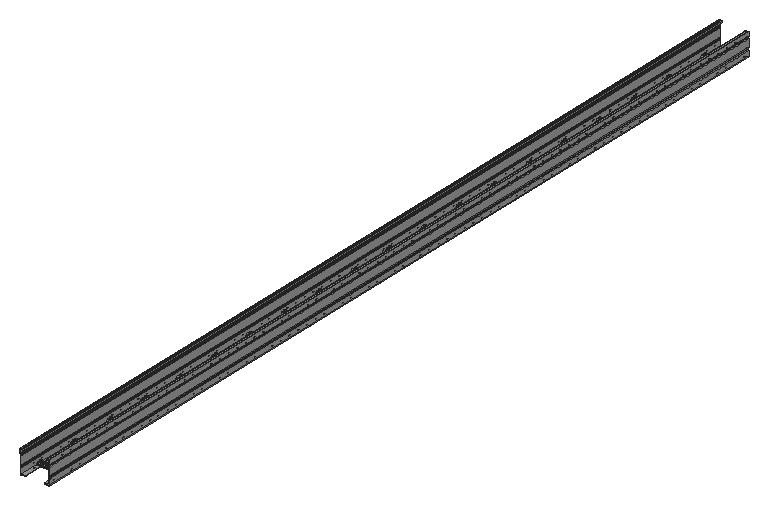
Revit family "Weitspannkabelleiter WKLG1620 FT,FS FT SO A4.23.08", category Generic Models, Revit 2017 (continued)
Dimensions and locks
  cut or joined group 1 (Extrusion 1, Extrusion 2, Extrusion 3, Extrusion 4, Extrusion 5, Extrusion 6, Extrusion 7, Extrusion 8, Extrusion 9, Extrusion 10, Extrusion 11, Extrusion 12, Extrusion 13, Extrusion 14, Extrusion 15, Extrusion 16, Extrusion 17, Extrusion 18, Extrusion 19, Extrusion 20, Extrusion 21, Extrusion 22, Extrusion 23, Extrusion 24, Extrusion 25, Extrusion 26, Extrusion 27, Extrusion 28, Extrusion 29, Extrusion 30, Extrusion 31, Extrusion 32, Extrusion 33, Extrusion 34, Extrusion 35, Extrusion 36, Extrusion 37, Extrusion 38, Extrusion 39, Extrusion 40, Extrusion 41, Extrusion 42, Extrusion 43, Extrusion 44, Extrusion 45, Extrusion 46, Extrusion 47, Extrusion 48, Extrusion 49, Extrusion 50, Extrusion 51, Extrusion 52, Extrusion 53, Extrusion 54, Extrusion 55, Extrusion 56, Extrusion 57, Extrusion 58, Extrusion 59, Extrusion 60, Extrusion 61, Extrusion 62, Extrusion 63, Extrusion 64, Extrusion 65, Extrusion 66, Extrusion 67, Extrusion 68, Extrusion 69, Extrusion 70, Extrusion 71, Extrusion 72, Extrusion 73, Extrusion 74, Extrusion 75, Extrusion 76, Extrusion 77, Extrusion 78, Extrusion 79, Extrusion 80, Extrusion 81, Extrusion 82, Extrusion 83, Extrusion 84, Extrusion 85, Extrusion 86, Extrusion 87, Extrusion 88, Extrusion 89, Extrusion 90, Extrusion 91, Extrusion 92, Extrusion 93, Extrusion 94, Extrusion 95, Extrusion 96, Extrusion 97, Extrusion 98, Extrusion 99, Extrusion 100, Extrusion 101, Extrusion 102, Extrusion 103, Extrusion 104, Extrusion 105, Extrusion 106, Extrusion 107, Extrusion 108, Extrusion 109, Extrusion 110, Extrusion 111, Extrusion 112, Extrusion 113, Extrusion 114, Extrusion 115, Extrusion 116, Extrusion 117, Extrusion 118, Extrusion 119, Extrusion 120, Extrusion 121, Extrusion 122, Extrusion 123, Extrusion 124, Extrusion 125, Extrusion 126, Extrusion 127, Extrusion 128, Extrusion 129, Extrusion 130, Extrusion 131, Extrusion 132, Extrusion 133, Extrusion 134, Extrusion 135, Extrusion 136, Extrusion 137, Extrusion 138, Extrusion 139, Extrusion 140, Extrusion 141, Extrusion 142, Extrusion 143, Extrusion 144, Extrusion 145, Extrusion 146, Extrusion 147, Extrusion 148, Extrusion 149, Extrusion 150, Extrusion 151, Extrusion 152, Extrusion 153, Extrusion 154, Extrusion 155, Extrusion 156, Extrusion 157, Extrusion 158, Extrusion 159, Extrusion 160, Extrusion 161, Extrusion 162, Extrusion 163, Extrusion 164, Extrusion 165, Extrusion 166, Extrusion 167, Extrusion 168, Extrusion 169, Extrusion 170, Extrusion 171, Extrusion 172, Extrusion 173, Extrusion 174, Extrusion 175, Extrusion 176, Extrusion 177, Extrusion 178, Extrusion 179, Extrusion 180, Extrusion 181, Extrusion 182, Extrusion 183, Extrusion 184, Extrusion 185, Extrusion 186, Extrusion 187, Extrusion 188, Extrusion 189, Extrusion 190, Extrusion 191, Extrusion 192, Extrusion 193, Extrusion 194, Extrusion 195, Extrusion 196, Extrusion 197, Extrusion 198, Extrusion 199, Extrusion 200, Extrusion 201, Extrusion 202, Extrusion 203, Extrusion 204, Extrusion 205, Extrusion 206, Extrusion 207, Extrusion 208, Extrusion 209, Extrusion 210, Extrusion 211, Extrusion 212, Extrusion 213, Extrusion 214, Extrusion 215, Extrusion 216, Extrusion 217, Extrusion 218, Extrusion 219, Extrusion 220, Extrusion 221, Extrusion 222, Extrusion 223, Extrusion 224, Extrusion 225, Extrusion 226, Extrusion 227, Extrusion 228, Extrusion 229, Extrusion 230, Extrusion 231, Extrusion 232, Extrusion 233, Extrusion 234, Extrusion 235, Extrusion 236, Extrusion 237, Extrusion 238, Extrusion 239, Extrusion 240, Extrusion 241, Extrusion 242, Extrusion 243, Extrusion 244, Extrusion 245, Extrusion 246, Extrusion 247, Extrusion 248, Extrusion 249, Extrusion 250, Extrusion 251, Extrusion 252, Extrusion 253, Extrusion 254, Extrusion 255, Extrusion 256, Extrusion 257, Extrusion 258, Extrusion 259, Extrusion 260, Extrusion 261, Extrusion 262, Extrusion 263, Extrusion 264, Extrusion 265, Extrusion 266, Extrusion 267, Extrusion 268, Extrusion 269, Extrusion 270, Extrusion 271, Extrusion 272, Extrusion 273, Extrusion 274, Extrusion 275, Extrusion 276, Extrusion 277, Extrusion 278, Extrusion 279, Extrusion 280, Extrusion 281, Extrusion 282, Extrusion 283, Extrusion 284, Extrusion 285, Extrusion 286, Extrusion 287, Extrusion 288, Extrusion 289, Extrusion 290, Extrusion 291, Extrusion 292, Extrusion 293, Extrusion 294, Extrusion 295, Extrusion 296, Extrusion 297, Extrusion 298, Extrusion 299, Extrusion 300, Extrusion 301, Extrusion 302, Extrusion 303, Extrusion 304, Extrusion 305, Extrusion 306, Extrusion 307, Extrusion 308, Extrusion 309, Extrusion 310, Extrusion 311, Extrusion 312, Extrusion 313, Extrusion 314, Extrusion 315, Extrusion 316, Extrusion 317, Extrusion 318, Extrusion 319, Extrusion 320, Extrusion 321, Extrusion 324, Extrusion 325, Extrusion 326, Extrusion 327, Extrusion 328, Extrusion 329, Extrusion 330, Extrusion 331, Extrusion 332, Extrusion 333, Extrusion 334, Extrusion 335, Extrusion 336, Extrusion 337, Extrusion 338, Extrusion 339, Extrusion 340, Extrusion 341, Extrusion 342, Extrusion 343, Extrusion 344, Extrusion 345, Extrusion 346, Extrusion 347, Extrusion 348, Extrusion 349, Extrusion 350, Extrusion 351, Extrusion 352, Extrusion 353, Extrusion 354, Extrusion 355, Extrusion 356, Extrusion 357, Extrusion 358, Extrusion 359, Extrusion 360, Extrusion 361, Extrusion 362, Extrusion 363, Extrusion 364, Extrusion 365, Extrusion 366, Extrusion 367, Extrusion 368, Extrusion 369, Extrusion 370, Extrusion 371, Extrusion 372, Extrusion 373, Extrusion 374, Extrusion 375, Extrusion 376, Extrusion 377, Extrusion 378, Extrusion 379, Extrusion 380, Extrusion 381, Extrusion 382, Extrusion 383, Extrusion 384, Extrusion 385, Extrusion 386, Extrusion 387, Extrusion 388, Extrusion 389, Extrusion 390, Extrusion 391, Extrusion 392, Extrusion 393, Extrusion 394, Extrusion 395, Extrusion 396, Extrusion 397, Extrusion 398, Extrusion 399, Extrusion 400, Extrusion 401, Extrusion 402, Extrusion 403, Extrusion 404, Extrusion 407, Extrusion 409, Extrusion 411, Extrusion 413, Extrusion 415, Extrusion 417, Extrusion 419, Extrusion 421, Extrusion 423, Extrusion 425, Extrusion 427, Extrusion 429, Extrusion 431, Extrusion 433, Extrusion 435, Extrusion 437, Extrusion 439, Extrusion 441, Extrusion 443) to plane 18 = 20 mm
  locked: Extrusion 323 to Extrusion 323 at 1.5  (x5)
  locked: Extrusion 323 to Extrusion 323 at 16.5
  locked: plane 31 to Extrusion 323 at 8.5
  locked: plane 31 to plane 30 at 50
  locked: cut or joined group 1 to plane 33 at 18
  locked: cut or joined group 1 to cut or joined group of Extrusion 1, Extrusion 2, Extrusion 3, Extrusion 4, Extrusion 5, Extrusion 6, Extrusion 7, Extrusion 8, Extrusion 9, Extrusion 10, Extrusion 11, Extrusion 12, Extrusion 13, Extrusion 14, Extrusion 15, Extrusion 16, Extrusion 17, Extrusion 18, Extrusion 19, Extrusion 20, Extrusion 21, Extrusion 22, Extrusion 23, Extrusion 24, Extrusion 25, Extrusion 26, Extrusion 27, Extrusion 28, Extrusion 29, Extrusion 30, Extrusion 31, Extrusion 32, Extrusion 33, Extrusion 34, Extrusion 35, Extrusion 36, Extrusion 37, Extrusion 38, Extrusion 39, Extrusion 40, Extrusion 41, Extrusion 42, Extrusion 43, Extrusion 44, Extrusion 45, Extrusion 46, Extrusion 47, Extrusion 48, Extrusion 49, Extrusion 50, Extrusion 51, Extrusion 52, Extrusion 53, Extrusion 54, Extrusion 55, Extrusion 56, Extrusion 57, Extrusion 58, Extrusion 59, Extrusion 60, Extrusion 61, Extrusion 62, Extrusion 63, Extrusion 64, Extrusion 65, Extrusion 66, Extrusion 67, Extrusion 68, Extrusion 69, Extrusion 70, Extrusion 71, Extrusion 72, Extrusion 73, Extrusion 74, Extrusion 75, Extrusion 76, Extrusion 77, Extrusion 78, Extrusion 79, Extrusion 80, Extrusion 81, Extrusion 82, Extrusion 83, Extrusion 84, Extrusion 85, Extrusion 86, Extrusion 87, Extrusion 88, Extrusion 89, Extrusion 90, Extrusion 91, Extrusion 92, Extrusion 93, Extrusion 94, Extrusion 95, Extrusion 96, Extrusion 97, Extrusion 98, Extrusion 99, Extrusion 100, Extrusion 101, Extrusion 102, Extrusion 103, Extrusion 104, Extrusion 105, Extrusion 106, Extrusion 107, Extrusion 108, Extrusion 109, Extrusion 110, Extrusion 111, Extrusion 112, Extrusion 113, Extrusion 114, Extrusion 115, Extrusion 116, Extrusion 117, Extrusion 118, Extrusion 119, Extrusion 120, Extrusion 121, Extrusion 122, Extrusion 123
    , Extrusion 124, Extrusion 125, Extrusion 126, Extrusion 127, Extrusion 128, Extrusion 129, Extrusion 130, Extrusion 131, Extrusion 132, Extrusion 133, Extrusion 134, Extrusion 135, Extrusion 136, Extrusion 137, Extrusion 138, Extrusion 139, Extrusion 140, Extrusion 141, Extrusion 142, Extrusion 143, Extrusion 144, Extrusion 145, Extrusion 146, Extrusion 147, Extrusion 148, Extrusion 149, Extrusion 150, Extrusion 151, Extrusion 152, Extrusion 153, Extrusion 154, Extrusion 155, Extrusion 156, Extrusion 157, Extrusion 158, Extrusion 159, Extrusion 160, Extrusion 161, Extrusion 162, Extrusion 163, Extrusion 164, Extrusion 165, Extrusion 166, Extrusion 167, Extrusion 168, Extrusion 169, Extrusion 170, Extrusion 171, Extrusion 172, Extrusion 173, Extrusion 174, Extrusion 175, Extrusion 176, Extrusion 177, Extrusion 178, Extrusion 179, Extrusion 180, Extrusion 181, Extrusion 182, Extrusion 183, Extrusion 184, Extrusion 185, Extrusion 186, Extrusion 187, Extrusion 188, Extrusion 189, Extrusion 190, Extrusion 191, Extrusion 192, Extrusion 193, Extrusion 194, Extrusion 195, Extrusion 196, Extrusion 197, Extrusion 198, Extrusion 199, Extrusion 200, Extrusion 201, Extrusion 202, Extrusion 203, Extrusion 204, Extrusion 205, Extrusion 206, Extrusion 207, Extrusion 208, Extrusion 209, Extrusion 210, Extrusion 211, Extrusion 212, Extrusion 213, Extrusion 214, Extrusion 215, Extrusion 216, Extrusion 217, Extrusion 218, Extrusion 219, Extrusion 220, Extrusion 221, Extrusion 222, Extrusion 223, Extrusion 224, Extrusion 225, Extrusion 226, Extrusion 227, Extrusion 228, Extrusion 229, Extrusion 230, Extrusion 231, Extrusion 232, Extrusion 233, Extrusion 234, Extrusion 235, Extrusion 236, Extrusion 237, Extrusion 238, Extrusion 239, Extrusion 240, Extrusion 241, Extrusion 242, Extrusion 243, Extrusion 244, Extrusion 245, Extrusion 246, Extrusion 247, Extrusion 248, Extrusion 249, Extrusion 250, Extrusion 251, Extrusion 252, Extrusion 253, Extrusion 254, Extrusion 255, Extrusion 256, Extrusion 257, Extrusion 258, Extrusion 259, Extrusion 260, Extrusion 261, Extrusion 262, Extrusion 263, Extrusion 264, Extrusion 265, Extrusion 266, Extrusion 267, Extrusion 268, Extrusion 269, Extrusion 270, Extrusion 271, Extrusion 272, Extrusion 273, Extrusion 274, Extrusion 275, Extrusion 276, Extrusion 277, Extrusion 278, Extrusion 279, Extrusion 280, Extrusion 281, Extrusion 282, Extrusion 283, Extrusion 284, Extrusion 285, Extrusion 286, Extrusion 287, Extrusion 288, Extrusion 289, Extrusion 290, Extrusion 291, Extrusion 292, Extrusion 293, Extrusion 294, Extrusion 295, Extrusion 296, Extrusion 297, Extrusion 298, Extrusion 299, Extrusion 300, Extrusion 301, Extrusion 302, Extrusion 303, Extrusion 304, Extrusion 305, Extrusion 306, Extrusion 307, Extrusion 308, Extrusion 309, Extrusion 310, Extrusion 311, Extrusion 312, Extrusion 313, Extrusion 314, Extrusion 315, Extrusion 316, Extrusion 317, Extrusion 318, Extrusion 319, Extrusion 320, Extrusion 321, Extrusion 324, Extrusion 325, Extrusion 326, Extrusion 327, Extrusion 328, Extrusion 329, Extrusion 330, Extrusion 331, Extrusion 332, Extrusion 333, Extrusion 334, Extrusion 335, Extrusion 336, Extrusion 337, Extrusion 338, Extrusion 339, Extrusion 340, Extrusion 341, Extrusion 342, Extrusion 343, Extrusion 344, Extrusion 345, Extrusion 346, Extrusion 347, Extrusion 348, Extrusion 349, Extrusion 350, Extrusion 351, Extrusion 352, Extrusion 353, Extrusion 354, Extrusion 355, Extrusion 356, Extrusion 357, Extrusion 358, Extrusion 359, Extrusion 360, Extrusion 361, Extrusion 362, Extrusion 363, Extrusion 364, Extrusion 365, Extrusion 366, Extrusion 367, Extrusion 368, Extrusion 369, Extrusion 370, Extrusion 371, Extrusion 372, Extrusion 373, Extrusion 374, Extrusion 375, Extrusion 376, Extrusion 377, Extrusion 378, Extrusion 379, Extrusion 380, Extrusion 381, Extrusion 382, Extrusion 383, Extrusion 384, Extrusion 385, Extrusion 386, Extrusion 387, Extrusion 388, Extrusion 389, Extrusion 390, Extrusion 391, Extrusion 392, Extrusion 393, Extrusion 394, Extrusion 395, Extrusion 396, Extrusion 397, Extrusion 398, Extrusion 399, Extrusion 400, Extrusion 401, Extrusion 402, Extrusion 403, Extrusion 404, Extrusion 407, Extrusion 409, Extrusion 411, Extrusion 413, Extrusion 415, Extrusion 417, Extrusion 419, Extrusion 421, Extrusion 423, Extrusion 425, Extrusion 427, Extrusion 429, Extrusion 431, Extrusion 433, Extrusion 435, Extrusion 437, Extrusion 439, Extrusion 441, Extrusion 443 at 20.5
  locked: plane 31 to cut or joined group 1 at 47.5
  locked: plane 39 to plane 31 at 50
  equal spacing: group 322, group 323, group 324, group 325, group 326, group 327, group 328, group 329, group 330, group 331, group 332, group 333, group 334, group 335, group 336, group 337, group 338, group 339, group 340, group 341  (x3)
  locked: cut or joined group 1 to plane 59 at 18
  equal spacing: group 342, group 343, group 344, group 345, group 346, group 347, group 348, group 349, group 350, group 351, group 352, group 353, group 354, group 355, group 356, group 357, group 358, group 359, group 360, group 361  (x3)
  locked: plane 80 to cut or joined group 1 at 18
  equal spacing: group 362, group 363, group 364, group 365, group 366, group 367, group 368, group 369, group 370, group 371, group 372, group 373, group 374, group 375, group 376, group 377, group 378, group 379, group 380, group 381  (x3)
  locked: plane 81 to cut or joined group 1 at 18
  equal spacing: group 382, group 383, group 384, group 385, group 386, group 387, group 388, group 389, group 390, group 391, group 392, group 393, group 394, group 395, group 396, group 397, group 398, group 399, group 400, group 401  (x3)
  locked: cut or joined group 1 to plane 82 at 12.5
  plane 84 to Extrusion 323 = 8.5 mm
  plane 24 to Extrusion 323 = 8.291 mm
